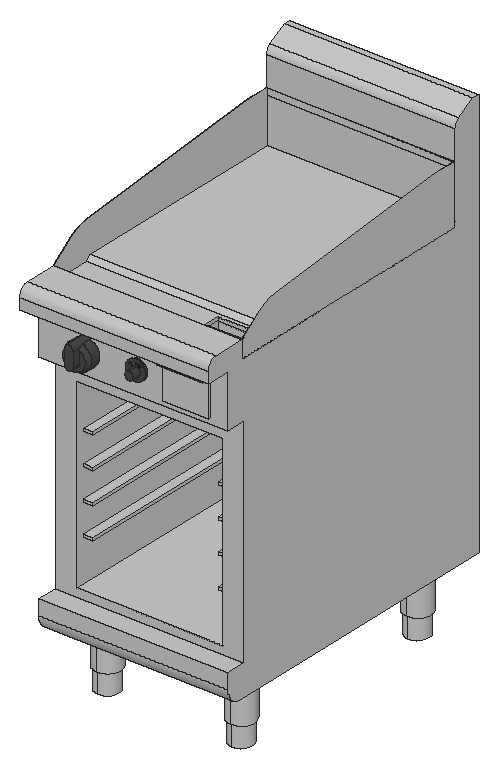
Revit family "QF_MOFFAT WALDORF_GP8450G-CB", category Specialty Equipment, Revit 2012
Parameters
  Width [instance] = 17.71654"  # constant formula
  Weight in Pounds = 198.4158
  URL Cutsheet = "www.moffat.com"
  URL = "www.moffat.com"
  Type Mark [instance] = ""
  Status [instance] = ""
  Specification by User [instance] = ""
  Specification by Manufacturer = ""
  Show Casters [instance] = no
  Serial Number = ""
  Seismic Rating = ""
  SMACNA No = ""
  Revision Code [instance] = ""
  Omniclass Number and Title = ""
  NAFEM Spec ID Number = ""
  Model = "GP8450G-CB"
  Mechanical Remarks [instance] = ""
  Mechanical Connection Type [instance] = ""
  Masterspec = ""
  Manufacturer = "MOFFAT WALDORF"
  Legs [instance] = not(Show Casters)  # yes
  Item Number [instance] = ""
  Installed By [instance] = ""
  Identify Quantity as Lot [instance] = yes
  Height [instance] = 44.48819"  # constant formula
  Gas Size = 3/4"
  Gas RI Height [instance] = 0"
  Gas KW [instance] = 11.1
  Gas Input [instance] = 37913.0 Btu/h
  Gas Connection Height = 0"
  Furnished By [instance] = ""
  Foodservice Equipment Identifier [instance] = yes
  Description = "GRIDDLE PLATE GAS ON CABINET BASE"
  Depth [instance] = 31.69291"  # constant formula
  CSI MasterFormat = ""
  CSI Master Format = ""
  Base Height [instance] = 5.90551"  # constant formula
Reference planes (in)
  plane 1 "BACK": y = 0
  plane 2: z = 0
  plane 3 "LEFT": x = 0
  plane 4 "RIGHT": x = 17.71654
  plane 5 "FRONT": y = -31.69291
  plane 6 "TOP": z = 44.48819
  plane 7 "Center Y": x = 8.85827
  plane 8 "Center X": y = -15.84646
  plane 9 "Base Height": z = 5.90551
Forms (in)
  Extrusion 1, solid, material "QF_Finishes_Stainless Steel"
    sketch origin (0, 0, 0) x (0, 1, 0) y (0, 0, 1)
      loop
        line (-31.69291, 35.07874) -> (-31.69291, 34.09449) -> (-29.48819, 34.09449) -> (-29.48819, 29.13386) -> (-3.93701, 29.13386) -> (-3.93701, 5.90551) -> (0, 5.90551) -> (0, 44.48819) -> (-0.64961, 44.48819) -> (-2.31138, 43.52877)
        arc (-2.31138, 43.52877) -> (-2.63679, 43.20335) -> (-2.75591, 42.75882) r 0.88906
        line (-2.75591, 42.75882) -> (-2.75591, 34.44882) -> (-27.75591, 34.44882) -> (-27.75591, 36.02362) -> (-30.74803, 36.02362)
        arc (-30.74803, 36.02362) -> (-31.41616, 35.74687) -> (-31.69291, 35.07874) r 0.94488
      loop
        line (-27.51969, 8.75984) -> (-29.48819, 8.75984) -> (-29.48819, 7.40157)
        arc (-29.48819, 7.40157) -> (-29.05, 6.3437) -> (-27.99213, 5.90551) r 1.49606
        line (-27.99213, 5.90551) -> (-27.51969, 5.90551) -> (-27.51969, 8.75984)
    from 0 to 17.71654
  Extrusion 2, solid, material "QF_Finishes_Stainless Steel"
    sketch origin (0, -27.51969, 25.7874) x (1, 0, 0) y (0, -1, 0)
      loop
        circle (12.59843, -26.25984) r 0.5315
    from 0 to -3.34646
  Revolve 3, solid, material "QF_Finishes_Black"
    sketch origin (4.72487, 0, 23.61706) x (0, 1, 0) y (0, 0, -1)
      loop
        line (-30.7874, -9.03543) -> (-29.88189, -9.03543) -> (-29.88189, -7.95276) -> (-29.48819, -7.95276) -> (-29.48819, -7.75591) -> (-31.22047, -7.75591) -> (-31.22047, -8.80517) -> (-30.7874, -9.03543)
      axis (-31.22047, -7.75591) -> (-29.48819, -7.75591)
    angle from 0 to 360
  Extrusion 4, solid, material "QF_Finishes_Black"
    sketch origin (10.16855, 0, 23.62328) x (-1, 0, 0) y (0, 0, -1)
      loop
        arc (5.83784, -7.40294) -> (5.44414, -7.00924) -> (5.05044, -7.40294) r 0.3937
        line (5.05044, -7.40294) -> (5.05044, -8.7783)
        arc (5.05044, -8.7783) -> (5.44414, -9.172) -> (5.83784, -8.7783) r 0.3937
        line (5.83784, -8.7783) -> (5.83784, -7.40294)
    from 29.88189 to 31.81102
  Revolve 5, solid, material "QF_Finishes_Stainless Steel", visible <- "Legs"
    sketch origin (2.55906, -6.49606, 0) x (0, 1, 0) y (0, 0, 1)
      loop
        line (1.30906, 5.90551) -> (1.30906, 1.9685) -> (1.47638, 1.9685) -> (1.47638, 0) -> (2.55906, 0) -> (2.55906, 5.90551) -> (1.30906, 5.90551)
      axis (2.55906, 5.90551) -> (2.55906, 0)
    angle from 0 to 360
  Revolve 6, solid, material "QF_Finishes_Stainless Steel"
    sketch origin (2.55906, -28.93701, 0) x (0, 1, 0) y (0, 0, 1)
      loop
        line (3.08071, 5.90551) -> (3.08071, 1.9685) -> (3.24803, 1.9685) -> (3.24803, 0) -> (4.33071, 0) -> (4.33071, 5.90551) -> (3.08071, 5.90551)
      axis (4.33071, 5.90551) -> (4.33071, 0)
    angle from 0 to 360
  Revolve 7, solid, material "QF_Finishes_Stainless Steel", visible <- "Legs"
    sketch origin (15.11811, -6.49606, 0) x (0, 1, 0) y (0, 0, -1)
      loop
        line (1.30906, -5.90551) -> (2.55906, -5.90551) -> (2.55906, 0) -> (1.47638, 0) -> (1.47638, -1.9685) -> (1.30906, -1.9685) -> (1.30906, -5.90551)
      axis (2.55906, -5.90551) -> (2.55906, 0)
    angle from 0 to 360
  Revolve 8, solid, material "QF_Finishes_Stainless Steel"
    sketch origin (15.11811, -28.93701, 0) x (0, 1, 0) y (0, 0, -1)
      loop
        line (3.08071, -5.90551) -> (4.33071, -5.90551) -> (4.33071, 0) -> (3.24803, 0) -> (3.24803, -1.9685) -> (3.08071, -1.9685) -> (3.08071, -5.90551)
      axis (4.33071, -5.90551) -> (4.33071, 0)
    angle from 0 to 360
  Extrusion 9, solid, material "QF_Finishes_Black"
    sketch origin (0, -29.48819, 34.09449) x (0, 0, -1) y (1, 0, 0)
      loop
        circle (2.75591, 9.25197) r 0.94488
      loop
        arc (2.36615, 9.83911) -> (2.04976, 9.25688) -> (2.35757, 8.67006) r 0.70345
        arc (2.35757, 8.67006) -> (2.37646, 8.65882) -> (2.39675, 8.6673) r 0.02445
        arc (2.39675, 8.6673) -> (2.45331, 8.76803) -> (2.46685, 8.88276) r 0.29507
        arc (2.46685, 8.88276) -> (2.45881, 8.91929) -> (2.44117, 8.95227) r 0.1367
        arc (2.44117, 8.95227) -> (2.35096, 9.24611) -> (2.4348, 9.54183) r 0.54277
        arc (2.4348, 9.54183) -> (2.46, 9.5918) -> (2.47043, 9.64678) r 0.20083
        arc (2.47043, 9.64678) -> (2.45584, 9.74594) -> (2.40486, 9.83223) r 0.26029
        arc (2.40486, 9.83223) -> (2.3867, 9.84239) -> (2.36615, 9.83911) r 0.03175
    from 0 to 0.19685
  Extrusion 10, solid, material "QF_Finishes_Black"
    sketch origin (0, -29.68504, 34.09449) x (0, 0, -1) y (1, 0, 0)
      loop
        circle (2.8937, 9.25197) r 0.3937
    from 0 to 0.71853
  Extrusion 11, solid, material "QF_Finishes_Stainless Steel"
    sketch origin (0, -29.48819, 34.09449) x (0, 0, -1) y (1, 0, 0)
      loop
        line (1.04331, 11.73228) -> (4.4685, 11.73228) -> (4.4685, 16.06299) -> (1.04331, 16.06299) -> (1.04331, 11.73228)
    from 0 to 0.09843
  Extrusion 12, solid, material "QF_Finishes_Stainless Steel"
    sketch origin (0, 0, 0) x (0, 1, 0) y (0, 0, 1)
      loop
        line (-29.58661, 33.05118) -> (-30.30296, 33.05118) -> (-30.30296, 32.95276) -> (-29.58661, 32.95276) -> (-29.58661, 33.05118)
    from 11.73228 to 16.06299
  Extrusion 13, solid, material "QF_Finishes_Stainless Steel"
    sketch origin (0, 0, 0) x (0, 1, 0) y (0, 0, 1)
      loop
        line (-2.75591, 34.44882) -> (-2.75591, 40.05906) -> (-4.99794, 40.05906) -> (-23.79656, 38.24895)
        arc (-23.79656, 38.24895) -> (-24.78188, 38.02374) -> (-25.67739, 37.55508) r 3.93701
        line (-25.67739, 37.55508) -> (-27.7324, 36.11615) -> (-27.7324, 34.44882) -> (-2.75591, 34.44882)
    from 0 to 0.07087
  Extrusion 14, solid, material "QF_Finishes_Stainless Steel"
    sketch origin (17.71654, 0, 0) x (0, -1, 0) y (0, 0, 1)
      loop
        line (2.75591, 34.44882) -> (27.7324, 34.44882) -> (27.7324, 36.11615) -> (25.67739, 37.55508)
        arc (25.67739, 37.55508) -> (24.78188, 38.02374) -> (23.79656, 38.24895) r 3.93701
        line (23.79656, 38.24895) -> (4.99794, 40.05906) -> (2.75591, 40.05906) -> (2.75591, 34.44882)
    from 0 to 0.04724
  Extrusion 15, solid, material "QF_Finishes_Stainless Steel"
    sketch origin (0, 0, 0) x (0, 1, 0) y (0, 0, 1)
      loop
        line (-2.75591, 35.23622) -> (-23.66142, 35.23622) -> (-24.0748, 34.82283) -> (-27.7324, 34.82283) -> (-27.7324, 34.44882) -> (-2.75591, 34.44882) -> (-2.75591, 35.23622)
    from 0.07087 to 17.66929
  Extrusion 16, void
    sketch origin (0, -24.0748, 34.82283) x (0, -1, 0) y (1, 0, 0)
      loop
        line (0.3937, 16.31102) -> (0.3937, 12.82677) -> (1.90945, 12.82677) -> (1.90945, 16.31102) -> (0.3937, 16.31102)
    from -1.62994 to 1.5804
  Extrusion 17, solid, material "QF_Finishes_Stainless Steel"
    sketch origin (0, -2.75591, 42.75882) x (0, 0, -1) y (1, 0, 0)
      loop
        line (2.69976, 0.07087) -> (3.29032, 0.07087) -> (3.29032, 17.66929) -> (2.69976, 17.66929) -> (2.69976, 0.07087)
    from 0 to 0.06626
  Extrusion 18, solid, material "QF_Finishes_Stainless Steel"
    sketch origin (0, -3.93701, 5.51181) x (0, 0, 1) y (-1, 0, 0)
      loop
        line (0.3937, -17.71654) -> (23.62205, -17.71654) -> (23.62205, 0) -> (0.3937, 0) -> (0.3937, -17.71654)
      loop
        line (21.45669, -15.74803) -> (21.45669, -1.9685) -> (4.03543, -1.9685) -> (4.03543, -15.74803) -> (21.45669, -15.74803)
    from 0 to 23.58268
  Extrusion 19, void
    sketch origin (0, 0, 5.90551) x (-1, 0, 0) y (0, -1, 0)
      loop
        line (-14.99005, 3.43545) -> (-14.99005, -1.19053) -> (-9.89163, -1.19053) -> (-9.89163, 1.526) -> (-11.80108, 3.43545) -> (-14.99005, 3.43545)
    from 3.64173 to 23.22835
  Extrusion 20, solid, material "QF_Finishes_Stainless Steel"
    sketch origin (0, -3.93701, 5.51181) x (0, 0, 1) y (-1, 0, 0)
      loop
        line (13.92717, -15.74803) -> (14.17717, -15.74803) -> (14.17717, -14.76378) -> (13.92717, -14.76378) -> (13.92717, -15.74803)
      loop
        line (10.97441, -15.74803) -> (11.22441, -15.74803) -> (11.22441, -14.76378) -> (10.97441, -14.76378) -> (10.97441, -15.74803)
      loop
        line (10.97441, -1.9685) -> (10.97441, -2.95276) -> (11.22441, -2.95276) -> (11.22441, -1.9685) -> (10.97441, -1.9685)
      loop
        line (14.17717, -2.95276) -> (14.17717, -1.9685) -> (13.92717, -1.9685) -> (13.92717, -2.95276) -> (14.17717, -2.95276)
      loop
        line (8.02165, -15.74803) -> (8.27165, -15.74803) -> (8.27165, -14.76378) -> (8.02165, -14.76378) -> (8.02165, -15.74803)
      loop
        line (8.02165, -1.9685) -> (8.02165, -2.95276) -> (8.27165, -2.95276) -> (8.27165, -1.9685) -> (8.02165, -1.9685)
      loop
        line (16.87992, -15.74803) -> (17.12992, -15.74803) -> (17.12992, -14.76378) -> (16.87992, -14.76378) -> (16.87992, -15.74803)
      loop
        line (17.12992, -2.95276) -> (17.12992, -1.9685) -> (16.87992, -1.9685) -> (16.87992, -2.95276) -> (17.12992, -2.95276)
    from 0 to 22.83465
Cuts and joins
  Extrusion 16, Extrusion 19 cuts Extrusion 1
  joined: Extrusion 1, Extrusion 18
  Extrusion 16 cuts Extrusion 15
Lines and regions (in)
  Split face 1
    outline origin (0, -0.64961, 44.48819) x (0, -0.866025, -0.5) y (1, 0, 0)
      loop
        line (0.17169, 0.93457) -> (1.64175, 0.93457) -> (1.64175, 1.66045) -> (0.17169, 1.66045) -> (0.17169, 0.93457)
  Split face 2
    outline origin (2.16535, -0.64961, 44.48819) x (0, -0.866025, -0.5) y (1, 0, 0)
      loop
        line (0.17169, 0.93457) -> (1.64175, 0.93457) -> (1.64175, 1.66045) -> (0.17169, 1.66045) -> (0.17169, 0.93457)
  Split face 3
    outline origin (4.33071, -0.64961, 44.48819) x (0, -0.866025, -0.5) y (1, 0, 0)
      loop
        line (0.17169, 0.93457) -> (1.64175, 0.93457) -> (1.64175, 1.66045) -> (0.17169, 1.66045) -> (0.17169, 0.93457)
  Split face 4
    outline origin (6.49606, -0.64961, 44.48819) x (0, -0.866025, -0.5) y (1, 0, 0)
      loop
        line (0.17169, 0.93457) -> (1.64175, 0.93457) -> (1.64175, 1.66045) -> (0.17169, 1.66045) -> (0.17169, 0.93457)
  Split face 5
    outline origin (8.65245, -0.64604, 44.49025) x (0, -0.866025, -0.5) y (1, 0, 0)
      loop
        line (0.17169, 0.93457) -> (1.64175, 0.93457) -> (1.64175, 1.66045) -> (0.17169, 1.66045) -> (0.17169, 0.93457)
  Split face 6
    outline origin (10.8178, -0.66735, 44.47795) x (0, -0.866025, -0.5) y (1, 0, 0)
      loop
        line (0.17169, 0.93457) -> (1.64175, 0.93457) -> (1.64175, 1.66045) -> (0.17169, 1.66045) -> (0.17169, 0.93457)
  Split face 7
    outline origin (12.98315, -0.64604, 44.49025) x (0, -0.866025, -0.5) y (1, 0, 0)
      loop
        line (0.17169, 0.93457) -> (1.64175, 0.93457) -> (1.64175, 1.66045) -> (0.17169, 1.66045) -> (0.17169, 0.93457)
  Split face 8
    outline origin (15.14851, -0.66735, 44.47795) x (0, -0.866025, -0.5) y (1, 0, 0)
      loop
        line (0.17169, 0.93457) -> (1.64175, 0.93457) -> (1.64175, 1.66045) -> (0.17169, 1.66045) -> (0.17169, 0.93457)
  symbolic lines
    curve 1: line (0, 0, 0) -> (0, -31.69291, 0)
    curve 2: line (17.71654, 0, 0) -> (0, 0, 0)
    curve 3: line (17.71654, -31.69291, 0) -> (17.71654, 0, 0)
    curve 4: line (0, -2.75591, 0) -> (17.71654, -2.75591, 0)
    curve 5: line (0, -31.69291, 0) -> (17.71654, -31.69291, 0)
    curve 6: line (17.71654, -27.75591, 0) -> (0, -27.75591, 0)
    curve 7: line (0.07087, -24.0748, 0) -> (17.65748, -24.0748, 0)
    curve 8: line (17.65748, -23.66142, 0) -> (0.07087, -23.66142, 0)
    curve 9: line (12.81496, -25.98425, 0) -> (12.81496, -24.4685, 0)
    curve 10: line (12.81496, -24.4685, 0) -> (16.29921, -24.4685, 0)
    curve 11: line (16.29921, -24.4685, 0) -> (16.29921, -25.98425, 0)
    curve 12: line (16.29921, -25.98425, 0) -> (12.81496, -25.98425, 0)
    curve 13: line (0.07087, -27.51969, 0) -> (17.66929, -27.51969, 0)
    curve 14: line (0.07087, -27.7324, 0) -> (0.07087, -2.75591, 0)
    curve 15: line (17.66929, -2.75591, 0) -> (17.66929, -27.7324, 0)
    curve 16: line (0.93457, -2.0714, 0) -> (0.93457, -0.79829, 0)
    curve 17: line (0.93457, -0.79829, 0) -> (1.66045, -0.79829, 0)
    curve 18: line (1.66045, -0.79829, 0) -> (1.66045, -2.0714, 0)
    curve 19: line (1.66045, -2.0714, 0) -> (0.93457, -2.0714, 0)
    curve 20: line (3.09992, -2.0714, 0) -> (3.09992, -0.79829, 0)
    curve 21: line (3.09992, -0.79829, 0) -> (3.82581, -0.79829, 0)
    curve 22: line (3.82581, -0.79829, 0) -> (3.82581, -2.0714, 0)
    curve 23: line (3.82581, -2.0714, 0) -> (3.09992, -2.0714, 0)
    curve 24: line (5.26527, -2.0714, 0) -> (5.26527, -0.79829, 0)
    curve 25: line (5.26527, -0.79829, 0) -> (5.99116, -0.79829, 0)
    curve 26: line (5.99116, -0.79829, 0) -> (5.99116, -2.0714, 0)
    curve 27: line (5.99116, -2.0714, 0) -> (5.26527, -2.0714, 0)
    curve 28: line (7.43063, -0.79829, 0) -> (7.43063, -2.0714, 0)
    curve 29: line (7.43063, -2.0714, 0) -> (8.15652, -2.0714, 0)
    curve 30: line (8.15652, -2.0714, 0) -> (8.15652, -0.79829, 0)
    curve 31: line (8.15652, -0.79829, 0) -> (7.43063, -0.79829, 0)
    curve 32: line (9.58701, -2.0714, 0) -> (9.58701, -0.79829, 0)
    curve 33: line (9.58701, -0.79829, 0) -> (10.3129, -0.79829, 0)
    curve 34: line (10.3129, -0.79829, 0) -> (10.3129, -2.0714, 0)
    curve 35: line (10.3129, -2.0714, 0) -> (9.58701, -2.0714, 0)
    curve 36: line (11.75237, -2.0714, 0) -> (11.75237, -0.79829, 0)
    curve 37: line (11.75237, -0.79829, 0) -> (12.47825, -0.79829, 0)
    curve 38: line (12.47825, -0.79829, 0) -> (12.47825, -2.0714, 0)
    curve 39: line (12.47825, -2.0714, 0) -> (11.75237, -2.0714, 0)
    curve 40: line (13.91772, -0.79829, 0) -> (13.91772, -2.0714, 0)
    curve 41: line (13.91772, -2.0714, 0) -> (14.64361, -2.0714, 0)
    curve 42: line (14.64361, -2.0714, 0) -> (14.64361, -0.79829, 0)
    curve 43: line (14.64361, -0.79829, 0) -> (13.91772, -0.79829, 0)
    curve 44: line (16.08307, -0.79829, 0) -> (16.08307, -2.0714, 0)
    curve 45: line (16.08307, -2.0714, 0) -> (16.80896, -2.0714, 0)
    curve 46: line (16.80896, -2.0714, 0) -> (16.80896, -0.79829, 0)
    curve 47: line (16.80896, -0.79829, 0) -> (16.08307, -0.79829, 0)
Dimensions and locks (in)
  equal spacing: plane 3 "LEFT", plane 7 "Center Y", plane 4 "RIGHT"
  "Width": plane 3 "LEFT" to plane 4 "RIGHT"
  equal spacing: plane 5 "FRONT", plane 8 "Center X", plane 1 "BACK"
  "Depth": plane 5 "FRONT" to plane 1 "BACK"
  equal spacing: plane 4 "RIGHT", plane 7 "Center Y", plane 3 "LEFT"
  plane 4 "RIGHT" to plane 3 "LEFT" = 17.71654"
  "Height": plane 6 "TOP" to level
  plane 5 "FRONT" to plane 1 "BACK" = 31.69291"
  plane 6 "TOP" to level = 44.48819"
  "Base Height": plane 9 "Base Height" to level
  aligned and locked: level to plane 2
  aligned and locked: curve 3 to plane 4 "RIGHT"
Automatic sketch dimensions
  plane 1 "BACK" to curve 1 = 0"
  curve 1 to plane 3 "LEFT" = 0"
  plane 5 "FRONT" to curve 1 = 0"
  plane 3 "LEFT" to curve 8 = 0.07087"
  plane 7 "Center Y" to curve 9 = 3.95669"
  plane 4 "RIGHT" to curve 10 = 1.41732"
  plane 4 "RIGHT" to curve 7 = 0.05906"
  plane 4 "RIGHT" to curve 8 = 0.05906"
  plane 4 "RIGHT" to curve 15 = 0.04724"
  curve 6 to curve 15 = 0.0235"
  curve 6 to curve 14 = 0.0235"
  curve 14 to curve 13 = 0.21272"
  curve 15 to curve 4 = 0"
  curve 4 to curve 14 = 0"
  plane 3 "LEFT" to curve 17 = 0.93457"
  curve 16 to curve 17 = 0.72589"
  plane 1 "BACK" to curve 16 = 0.79829"
  curve 17 to curve 20 = 1.43947"
  curve 20 to curve 22 = 0.72589"
  plane 1 "BACK" to curve 22 = 0.79829"
  curve 22 to curve 27 = 1.43947"
  curve 24 to curve 25 = 0.72589"
  plane 1 "BACK" to curve 25 = 0.79829"
  curve 29 to plane 7 "Center Y" = 1.42764"
  curve 31 to plane 7 "Center Y" = 0.70175"
  plane 1 "BACK" to curve 31 = 0.79829"
  plane 7 "Center Y" to curve 35 = 0.72874"
  curve 32 to curve 35 = 0.72589"
  plane 1 "BACK" to curve 32 = 0.79829"
  plane 1 "BACK" to curve 36 = 0.79829"
  curve 33 to curve 36 = 1.43947"
  curve 36 to curve 39 = 0.72589"
  curve 36 to curve 36 = 1.27311"
  curve 38 to curve 41 = 1.43947"
  curve 40 to curve 43 = 0.72589"
  plane 1 "BACK" to curve 43 = 0.79829"
  curve 41 to curve 44 = 1.43947"
  curve 44 to curve 47 = 0.72589"
  curve 15 to curve 45 = 0.68451"
  plane 1 "BACK" to curve 47 = 0.79829"
  curve 4 to curve 16 = 1.95761"
  curve 29 to curve 28 = 1.27311"
  curve 23 to curve 20 = 1.27311"
  curve 14 to curve 16 = 0.68451"
  curve 27 to curve 24 = 1.27311"
  curve 40 to curve 40 = 1.27311"
  curve 35 to curve 32 = 1.27311"
  curve 11 to curve 10 = 1.51575"
  curve 7 to curve 8 = 0.41339"
  curve 6 to plane 5 "FRONT" = 3.93701"
  curve 13 to curve 12 = 1.53543"
  curve 13 to curve 7 = 3.44488"
  plane 1 "BACK" to Extrusion 2 sketch curve = 1.25984"
  plane 7 "Center Y" to Extrusion 2 sketch curve = 3.74016"
  Revolve 3 sketch curve to plane 5 "FRONT" = 0.47244"
  Revolve 3 sketch curve to Revolve 3 sketch curve = 0"  (x2)
  Revolve 3 sketch curve to Revolve 3 sketch curve = 0.43307"
  Revolve 3 sketch curve to Revolve 3 sketch curve = 1/2"
  Revolve 3 sketch curve to Revolve 3 sketch curve = 0.90551"
  Revolve 3 sketch curve to Revolve 3 sketch curve = 0.3937"
  Revolve 3 sketch curve to plane 6 "TOP" = 11.83569"
  Revolve 3 sketch curve to Revolve 3 sketch curve = 0.23027"
  Revolve 3 sketch curve to Revolve 3 sketch curve = 1.08268"
  Revolve 3 sketch curve to Revolve 3 sketch curve = 0.19685"
  Extrusion 4 sketch curve to plane 7 "Center Y" = 3.74016"
  Extrusion 4 sketch curve to Extrusion 4 sketch curve = 0.3937"
  Extrusion 4 sketch curve to plane 6 "TOP" = 12.08661"
  Extrusion 4 sketch curve to Extrusion 4 sketch curve = 1.37536"
  Revolve 5 sketch curve to plane 9 "Base Height" = 0"
  Revolve 5 sketch curve to level = 0"
  level to Revolve 5 sketch curve = 1.9685"
  plane 1 "BACK" to Revolve 5 sketch curve = 5.18701"
  Revolve 5 sketch curve to Revolve 5 sketch curve = 0.16732"
  Revolve 5 sketch curve to Revolve 5 sketch curve = 1.08268"  (x2)
  Revolve 5 sketch curve to Revolve 5 sketch curve = 2.16535"
  Revolve 5 sketch curve to Revolve 5 sketch curve = 0"
  Revolve 6 sketch curve to plane 9 "Base Height" = 0"
  Revolve 6 sketch curve to level = 0"
  level to Revolve 6 sketch curve = 1.9685"
  Revolve 6 sketch curve to plane 5 "FRONT" = 5.83661"
  Revolve 6 sketch curve to Revolve 6 sketch curve = 0.16732"
  Revolve 6 sketch curve to Revolve 6 sketch curve = 1.08268"  (x2)
  Revolve 6 sketch curve to Revolve 6 sketch curve = 2.16535"
  Revolve 6 sketch curve to Revolve 6 sketch curve = 0"
  Revolve 7 sketch curve to plane 9 "Base Height" = 0"
  Revolve 7 sketch curve to level = 0"
  level to Revolve 7 sketch curve = 1.9685"
  plane 1 "BACK" to Revolve 7 sketch curve = 5.18701"
  Revolve 7 sketch curve to Revolve 7 sketch curve = 0.16732"
  Revolve 7 sketch curve to Revolve 7 sketch curve = 1.08268"  (x2)
  Revolve 7 sketch curve to Revolve 7 sketch curve = 0"
  Revolve 7 sketch curve to Revolve 7 sketch curve = 2.16535"
  Revolve 8 sketch curve to plane 9 "Base Height" = 0"
  Revolve 8 sketch curve to level = 0"
  level to Revolve 8 sketch curve = 1.9685"
  Revolve 8 sketch curve to plane 5 "FRONT" = 5.83661"
  Revolve 8 sketch curve to Revolve 8 sketch curve = 0.16732"
  Revolve 8 sketch curve to Revolve 8 sketch curve = 1.08268"  (x2)
  Revolve 8 sketch curve to Revolve 8 sketch curve = 0"
  Revolve 8 sketch curve to Revolve 8 sketch curve = 2.16535"
  Extrusion 1 to Extrusion 9 sketch curve = 2.17271"
  Extrusion 9 sketch curve to Extrusion 9 sketch curve = 0.03772"
  Extrusion 9 sketch curve to Extrusion 9 sketch curve = 0.0594"
  Extrusion 9 sketch curve to Extrusion 9 sketch curve = 0.15788"
  Extrusion 9 sketch curve to Extrusion 9 sketch curve = 0.02698"
  Extrusion 9 sketch curve to Extrusion 9 sketch curve = 0.09632"
  Extrusion 9 sketch curve to Extrusion 9 sketch curve = 0.02061"
  Extrusion 9 sketch curve to Extrusion 9 sketch curve = 0.015"
  Extrusion 9 sketch curve to Extrusion 9 sketch curve = 0.01857"
  Extrusion 9 sketch curve to Extrusion 9 sketch curve = 0"  (x5)
  Extrusion 9 sketch curve to Extrusion 9 sketch curve = 0.02372"
  Extrusion 9 sketch curve to Extrusion 9 sketch curve = 0.16497"
  Extrusion 9 sketch curve to Extrusion 9 sketch curve = 0.11058"
  Extrusion 9 sketch curve to Extrusion 9 sketch curve = 0.02568"
  Extrusion 9 sketch curve to Extrusion 9 sketch curve = 0.03563"
  Extrusion 9 sketch curve to Extrusion 9 sketch curve = 0.31839"
  Extrusion 9 sketch curve to Extrusion 9 sketch curve = 0.00271"
  Extrusion 9 sketch curve to Extrusion 9 sketch curve = 0.1378"
  Extrusion 1 to Extrusion 9 sketch curve = 8.6673"
  Extrusion 9 sketch curve to Extrusion 9 sketch curve = 0.00276"
  Extrusion 9 sketch curve to Extrusion 9 sketch curve = 0.29944"
  Extrusion 9 sketch curve to Extrusion 9 sketch curve = 0.00026"
  Extrusion 1 to Extrusion 11 sketch curve = 1.04331"
  Extrusion 11 sketch curve to Extrusion 1 = 0.49213"
  Extrusion 1 to Extrusion 11 sketch curve = 5.98425"
  Extrusion 1 to Extrusion 11 sketch curve = 1.65354"
  Extrusion 12 sketch curve to plane 5 "FRONT" = 1.38995"
  Extrusion 12 sketch curve to Extrusion 12 sketch curve = 0.71635"
  Extrusion 12 sketch curve to plane 6 "TOP" = 11.53543"
  Extrusion 12 sketch curve to Extrusion 12 sketch curve = 0.09843"
  Extrusion 13 sketch curve to plane 5 "FRONT" = 3.96051"
  Extrusion 13 sketch curve to Extrusion 13 sketch curve = 2.05501"
  Extrusion 13 sketch curve to Extrusion 13 sketch curve = 1.88083"
  Extrusion 13 sketch curve to Extrusion 13 sketch curve = 2.25817"
  plane 1 "BACK" to Extrusion 13 sketch curve = 4.99794"
  plane 1 "BACK" to Extrusion 13 sketch curve = 2.75591"
  Extrusion 13 sketch curve to plane 6 "TOP" = 10.15812"
  Extrusion 13 sketch curve to Extrusion 13 sketch curve = 0.11875"
  Extrusion 13 sketch curve to Extrusion 13 sketch curve = 1.66733"
  Extrusion 13 sketch curve to Extrusion 13 sketch curve = 1.43893"
  Extrusion 13 sketch curve to plane 6 "TOP" = 4.42913"
  plane 1 "BACK" to Extrusion 14 sketch curve = 2.75591"
  Extrusion 14 sketch curve to Extrusion 14 sketch curve = 2.24203"
  Extrusion 14 sketch curve to plane 8 "Center X" = 7.57276"
  Extrusion 14 sketch curve to Extrusion 14 sketch curve = 0.37735"
  Extrusion 14 sketch curve to Extrusion 14 sketch curve = 1.88083"
  Extrusion 14 sketch curve to Extrusion 14 sketch curve = 2.05501"
  Extrusion 14 sketch curve to plane 6 "TOP" = 10.15812"
  Extrusion 14 sketch curve to Extrusion 14 sketch curve = 0.11875"
  Extrusion 14 sketch curve to Extrusion 14 sketch curve = 1.66733"
  Extrusion 14 sketch curve to Extrusion 14 sketch curve = 1.43893"
  Extrusion 14 sketch curve to plane 6 "TOP" = 4.42913"
  Extrusion 15 sketch curve to plane 5 "FRONT" = 3.96051"
  Extrusion 15 sketch curve to Extrusion 15 sketch curve = 3.6576"
  Extrusion 15 sketch curve to Extrusion 15 sketch curve = 0.41339"  (x2)
  plane 1 "BACK" to Extrusion 15 sketch curve = 2.75591"
  Extrusion 15 sketch curve to plane 6 "TOP" = 10.03937"
  Extrusion 15 sketch curve to Extrusion 15 sketch curve = 0.37402"
  Extrusion 15 to Extrusion 16 sketch curve = 0.3937"
  Extrusion 16 sketch curve to Extrusion 16 sketch curve = 1.51575"
  Extrusion 15 to Extrusion 16 sketch curve = 4.84252"
  Extrusion 15 to Extrusion 16 sketch curve = 1.35827"
  Extrusion 1 to Split face 1 sketch curve = 0.17169"
  Split face 1 sketch curve to Extrusion 1 = 0.2771"
  Split face 1 sketch curve to Extrusion 1 = 0.93457"
  Split face 1 sketch curve to Split face 1 sketch curve = 0.72589"
  Extrusion 1 to Split face 2 sketch curve = 0.17169"
  Split face 2 sketch curve to Extrusion 1 = 0.2771"
  Split face 2 sketch curve to Extrusion 1 = 3.09992"
  Split face 2 sketch curve to Split face 2 sketch curve = 0.72589"
  Extrusion 1 to Split face 3 sketch curve = 0.17169"
  Split face 3 sketch curve to Extrusion 1 = 0.2771"
  Split face 3 sketch curve to Extrusion 1 = 5.26527"
  Split face 3 sketch curve to Split face 3 sketch curve = 0.72589"
  Extrusion 1 to Split face 4 sketch curve = 0.17169"
  Split face 4 sketch curve to Extrusion 1 = 0.2771"
  Split face 4 sketch curve to Extrusion 1 = 7.43063"
  Split face 4 sketch curve to Split face 4 sketch curve = 0.72589"
  Extrusion 1 to Split face 5 sketch curve = 0.16756"
  Split face 5 sketch curve to Extrusion 1 = 0.28122"
  Split face 5 sketch curve to Extrusion 1 = 8.12952"
  Split face 5 sketch curve to Split face 5 sketch curve = 0.72589"
  Extrusion 1 to Split face 6 sketch curve = 0.19217"
  Split face 6 sketch curve to Extrusion 1 = 0.25662"
  Split face 6 sketch curve to Extrusion 1 = 5.96417"
  Split face 6 sketch curve to Split face 6 sketch curve = 0.72589"
  Extrusion 1 to Split face 7 sketch curve = 0.16756"
  Split face 7 sketch curve to Extrusion 1 = 0.28122"
  Split face 7 sketch curve to Extrusion 1 = 3.79881"
  Split face 7 sketch curve to Split face 7 sketch curve = 0.72589"
  Extrusion 1 to Split face 8 sketch curve = 0.19217"
  Split face 8 sketch curve to Extrusion 1 = 0.25662"
  Split face 8 sketch curve to Extrusion 1 = 1.63346"
  Split face 8 sketch curve to Split face 8 sketch curve = 0.72589"
  Extrusion 1 to Extrusion 17 sketch curve = 0.04724"
  Extrusion 17 sketch curve to Extrusion 1 = 2.69976"
  Extrusion 17 sketch curve to Extrusion 17 sketch curve = 0.59055"
  Extrusion 1 to Extrusion 17 sketch curve = 0.07087"
  Extrusion 1 to Extrusion 18 sketch curve = 17.71654"
  Extrusion 18 sketch curve to Extrusion 1 = 0"
  Extrusion 1 to Extrusion 18 sketch curve = 3.64173"
  Extrusion 1 to Extrusion 18 sketch curve = 15.74803"
  Extrusion 18 sketch curve to Extrusion 18 sketch curve = 13.77953"
  Extrusion 18 sketch curve to Extrusion 18 sketch curve = 1.9685"
  Extrusion 1 to Extrusion 18 sketch curve = 2.16535"
  Extrusion 1 to Extrusion 18 sketch curve = 0"
  Extrusion 1 sketch curve to plane 5 "FRONT" = 0"
  Extrusion 1 sketch curve to plane 9 "Base Height" = 0"  (x2)
  Extrusion 1 sketch curve to plane 6 "TOP" = 0"
  Extrusion 1 sketch curve to plane 1 "BACK" = 0"
  Extrusion 1 sketch curve to plane 5 "FRONT" = 0.94488"
  Extrusion 1 sketch curve to plane 5 "FRONT" = 2.20472"  (x2)
  plane 9 "Base Height" to Extrusion 1 sketch curve = 1.49606"
  Extrusion 1 sketch curve to Extrusion 1 sketch curve = 0.47244"
  Extrusion 1 sketch curve to Extrusion 1 sketch curve = 1.73228"
  plane 1 "BACK" to Extrusion 1 sketch curve = 3.93701"
  plane 1 "BACK" to Extrusion 1 sketch curve = 2.75591"
  Extrusion 1 sketch curve to plane 6 "TOP" = 0.95942"
  Extrusion 1 sketch curve to Extrusion 1 sketch curve = 0.44453"
  Extrusion 1 sketch curve to Extrusion 1 sketch curve = 0.88906"
  Extrusion 1 sketch curve to Extrusion 1 sketch curve = 0.64961"
  Extrusion 1 sketch curve to Extrusion 1 sketch curve = 1.35827"
  Extrusion 1 sketch curve to plane 6 "TOP" = 15.35433"
  Extrusion 1 sketch curve to Extrusion 1 sketch curve = 4.96063"
  Extrusion 1 sketch curve to Extrusion 1 sketch curve = 0.35433"
  Extrusion 1 sketch curve to Extrusion 1 sketch curve = 0.98425"
  plane 4 "RIGHT" to Extrusion 19 sketch curve = 2.72648"
  plane 7 "Center Y" to Extrusion 19 sketch curve = 2.94281"
  plane 7 "Center Y" to Extrusion 19 sketch curve = 1.03336"
  Extrusion 19 sketch curve to plane 1 "BACK" = 1.19053"
  plane 1 "BACK" to Extrusion 19 sketch curve = 1.526"
  Extrusion 19 sketch curve to Extrusion 19 sketch curve = 1.90945"
  Extrusion 1 to Extrusion 20 sketch curve = 1.9685"  (x5)
  Extrusion 1 to Extrusion 20 sketch curve = 7.62795"  (x2)
  Extrusion 20 sketch curve to Extrusion 20 sketch curve = 1/4"  (x8)
  Extrusion 20 sketch curve to Extrusion 20 sketch curve = 2.70276"  (x6)
  Extrusion 20 sketch curve to Extrusion 20 sketch curve = 0.98425"  (x9)
  Extrusion 1 to Extrusion 20 sketch curve = 2.95276"  (x2)
  radius of Extrusion 2 sketch curve = 0.5315"
  radius of Extrusion 9 sketch curve = 0.94488"
  radius of Extrusion 10 sketch curve to Extrusion 9 = 0.14907"
Nested families (in)
  nested 1: "GP840G-CB-CASTERS" at (2.55906, -3.93701, 0), Show Casters <- "Show Casters", visible <- "Show Casters", type "GP840G-CB-CASTERS"
    with Type Mark "", Status "", Specification by User "", Show Casters no, Revision Code "", Item Number "", Installed By "", Identify Quantity as Lot yes, Furnished By "", Foodservice Equipment Identifier yes
  nested 2: "GP840G-CB-CASTERS" at (15.11811, -3.93701, 0), Show Casters <- "Show Casters", visible <- "Show Casters", type "GP840G-CB-CASTERS"
    with Type Mark "", Status "", Specification by User "", Show Casters no, Revision Code "", Item Number "", Installed By "", Identify Quantity as Lot yes, Furnished By "", Foodservice Equipment Identifier yes
Connectors (in)
  piping at (12.59843, -1.25984, 25.7874)
    settings: on Extrusion 2, index 2, connector radius 3/8", flow factor 0, pipe flow 0 GPM, pressure drop 0.00 psi, fitting loss kfactor 0, connector angle 0.00°, fixture units 0, engagement length 0", flow configuration 1, flow direction 1, fitting loss method 0, system type 7, joint type 0, gender type 0, connector reference index -1, connector utility 0, adjustable connector no, is connector primary yes, fitting loss table "", connector description "GAS CONNECTION"
Definition of nested family "GP840G-CB-CASTERS"
  Parameters (values of type "BTL8450-CB-CASTERS")
    Weight = ""
    URL Manufacturer = ""
    URL Cutsheet = ""
    URL = ""
    Type Mark [instance] = ""
    Status [instance] = ""
    Specification by User [instance] = ""
    Specification by Manufacturer = ""
    Show Casters [instance] = no
    Serial Number = ""
    Seismic Rating = ""
    SMACNA No = ""
    Revision Code [instance] = ""
    Omniclass Number and Title = ""
    NAFEM Spec ID Number = ""
    Model = ""
    MasterSpec. = ""
    Manufacturer = ""
    Item Number [instance] = ""
    Installed By [instance] = ""
    Identify Quantity as Lot [instance] = yes
    Furnished By [instance] = ""
    Foodservice Equipment Identifier [instance] = yes
    Description = ""
    CSI MasterFormat = ""
    CSI Master Format = ""
    Assembly Code = ""
  Reference planes (in)
    plane 1: z = 0
    plane 2 "RIGHT": x = 0
    plane 3 "FRONT": y = 0
    plane 4 "TOP": z = 7
  Forms (in)
    Revolve 1, solid, material "QF_Finishes_Stainless Steel", visible <- "Show Casters"
      sketch origin (0, 2.21793, 0) x (0, 1, 0) y (0, 0, 1)
        loop
          line (-2.21793, 6) -> (-2.21793, 5.55584) -> (-0.93693, 5.55584) -> (-0.93693, 6) -> (-2.21793, 6)
        axis (-2.21793, 5.55584) -> (-2.21793, 6)
      angle from 0 to 360
    Extrusion 2, solid, material "QF_Finishes_Stainless Steel", visible <- "Show Casters"
      sketch origin (-1.81294, 2.21793, 0) x (0, 1, 0) y (0, 0, 1)
        loop
          line (-3.37793, 5.55584) -> (-3.37793, 5.25584) -> (-3.23369, 5.25584)
          arc (-3.23369, 5.25584) -> (-3.1238, 5.20977) -> (-3.03725, 5.12786) r 0.33195
          line (-3.03725, 5.12786) -> (-1.55521, 1.94961)
          arc (-1.55521, 1.94961) -> (-0.54268, 1.81523) -> (-0.22336, 2.78544) r 0.8
          arc (-0.22336, 2.78544) -> (-0.27816, 2.89808) -> (-0.34988, 3.00079) r 0.8
          arc (-0.34988, 3.00079) -> (-0.37005, 3.3613) -> (-0.26088, 3.70547) r 1
          line (-0.26088, 3.70547) -> (0.31507, 4.78867)
          arc (0.31507, 4.78867) -> (-0.09241, 4.97284) -> (-0.5252, 5.08531) r 2.63
          line (-0.5252, 5.08531) -> (-0.54193, 5.25584) -> (-1.05793, 5.25584) -> (-1.05793, 5.55584) -> (-3.37793, 5.55584)
      from 0.78968 to 0.90247
    Extrusion 3, solid, material "QF_Finishes_Stainless Steel", visible <- "Show Casters"
      sketch origin (0.13094, 2.21793, 0) x (0, 1, 0) y (0, 0, 1)
        loop
          line (-3.37793, 5.55584) -> (-3.37793, 5.25584) -> (-3.23369, 5.25584)
          arc (-3.23369, 5.25584) -> (-3.1238, 5.20977) -> (-3.03725, 5.12786) r 0.33195
          line (-3.03725, 5.12786) -> (-1.55521, 1.94961)
          arc (-1.55521, 1.94961) -> (-0.54268, 1.81523) -> (-0.22336, 2.78544) r 0.8
          arc (-0.22336, 2.78544) -> (-0.27816, 2.89808) -> (-0.34988, 3.00079) r 0.8
          arc (-0.34988, 3.00079) -> (-0.37005, 3.3613) -> (-0.26088, 3.70547) r 1
          line (-0.26088, 3.70547) -> (0.31507, 4.78867)
          arc (0.31507, 4.78867) -> (-0.09241, 4.97284) -> (-0.5252, 5.08531) r 2.63
          line (-0.5252, 5.08531) -> (-0.54193, 5.25584) -> (-1.05793, 5.25584) -> (-1.05793, 5.55584) -> (-3.37793, 5.55584)
      from 0.78968 to 0.90247
    Extrusion 4, solid, material "QF_Finishes_Stainless Steel", visible <- "Show Casters"
      sketch origin (-1.93794, 2.21793, 0) x (0, 1, 0) y (0, 0, 1)
        loop
          line (-3.37793, 5.55584) -> (-3.37793, 5.25584) -> (-3.23369, 5.25584) -> (-0.7432, 5.03796) -> (0.2811, 4.72479) -> (0.31507, 4.78867)
          arc (0.31507, 4.78867) -> (-0.09241, 4.97284) -> (-0.5252, 5.08531) r 2.63
          line (-0.5252, 5.08531) -> (-0.54193, 5.25584) -> (-1.05793, 5.25584) -> (-1.05793, 5.55584) -> (-3.37793, 5.55584)
      from 1.02747 to 2.85669
    Revolve 5, solid, material "QF_Finishes_Stainless Steel", visible <- "Show Casters"
      sketch origin (-1.93794, 1.21343, 0) x (1, 0, 0) y (0, 0, 1)
        loop
          line (0.5843, 2.5041) -> (3.2907, 2.5041) -> (3.2907, 2.6421) -> (3.2407, 2.6921) -> (3.1807, 2.6921) -> (3.1807, 2.8278) -> (2.7025, 2.8278) -> (2.7025, 3.22009) -> (2.5625, 3.30092) -> (2.42847, 4.1291) -> (2.59375, 4.1291) -> (2.59375, 4.3791) -> (2.5625, 4.3791) -> (2.5625, 4.6291)
          arc (2.5625, 4.6291) -> (2.45267, 4.89426) -> (2.1875, 5.0041) r 0.375
          line (2.1875, 5.0041) -> (1.6875, 5.0041)
          arc (1.6875, 5.0041) -> (1.42233, 4.89426) -> (1.3125, 4.6291) r 0.375
          line (1.3125, 4.6291) -> (1.3125, 4.3791) -> (1.28125, 4.3791) -> (1.28125, 4.1291) -> (1.44653, 4.1291) -> (1.31307, 3.30443) -> (1.1725, 3.22327) -> (1.1725, 2.8278) -> (0.6943, 2.8278) -> (0.6943, 2.6921) -> (0.6343, 2.6921) -> (0.5843, 2.6421) -> (0.5843, 2.5041)
        axis (0.5843, 2.5041) -> (3.2907, 2.5041)
      angle from 0 to 360
  Cuts and joins
    joined: Extrusion 2, Extrusion 3, Extrusion 4
  Lines and regions (in)
    symbolic lines, style "SpecialityEquipmentHiddenLines", visible <- "Show Casters"
      curve 1: line (0.70901, 2.6399, 0) -> (1.79507, 2.01286, 0)
      curve 2: line (-1.79099, -1.69023, 0) -> (0.70901, 2.6399, 0)
      curve 3: line (-0.70493, -2.31727, 0) -> (-1.79099, -1.69023, 0)
      curve 4: line (1.79507, 2.01286, 0) -> (-0.70493, -2.31727, 0)
  Dimensions and locks (in)
    plane 4 "TOP" to level = 7"  (x2)
    Revolve 5 sketch curve to Revolve 5 sketch curve = 2 1/2"
    aligned and locked: level to plane 1
